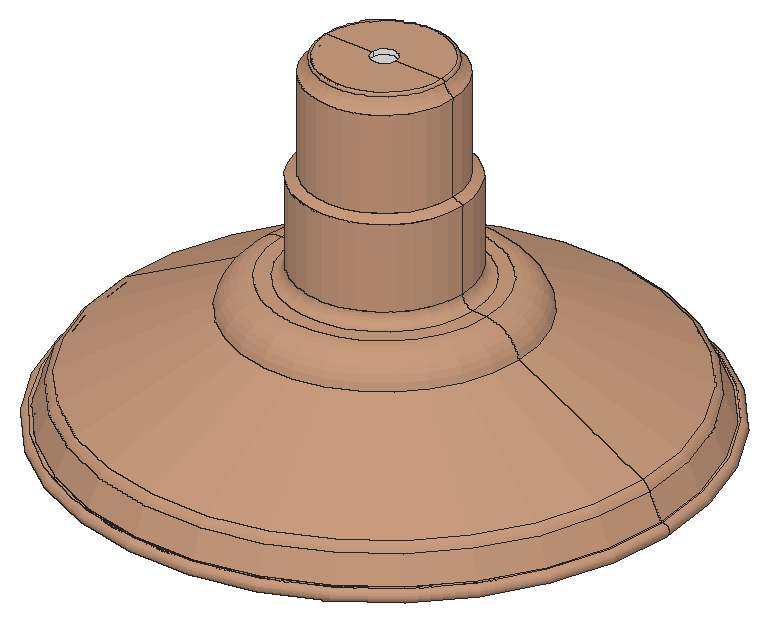
Revit family "S312 SHADE", category Lighting Fixtures, Revit 2024
Family settings
  Round Connector Dimension = Use Diameter
  Part Type = Normal
  OmniClass Number = 23.80.70.00
  OmniClass Title = Lighting
  Work Plane-Based = No
  Always vertical = Yes
  Cut with Voids When Loaded = No
  Light Source = No
  Maintain Annotation Orientation = No
  Shared = No
  Room Calculation Point = No
Parameters
  Default Elevation = 0' - 0"
Reference planes (in)
  plane 1 "Light Source Axis (F/B)": y = 0
  plane 2: z = 0
  plane 3 "Light Source Axis (L/R)": x = 0
  plane 4 "Light Source Elevation": z = 54
Forms (in)
  Revolve 1, solid
    sketch origin (0, 0, 0) x (1, 0, 0) y (0, 0, 1)
      loop
        arc (-5.875, 54.25) -> (-5.94874, 54.02407) -> (-5.75592, 54.163) r 0.125
        line (-5.75592, 54.163) -> (-5.51488, 54.71187)
        arc (-5.51488, 54.71187) -> (-5.46987, 54.78166) -> (-5.40644, 54.83527) r 0.28125
        arc (-5.40644, 54.83527) -> (-4.10337, 55.57039) -> (-2.74075, 56.18819) r 17.01405
        arc (-2.74075, 56.18819) -> (-2.5521, 56.57211) -> (-2.15915, 56.74116) r 0.61716
        line (-2.15915, 56.74116) -> (-1.86653, 56.7565)
        arc (-1.86653, 56.7565) -> (-1.64537, 56.86768) -> (-1.55625, 57.09861) r 0.34375
        line (-1.55625, 57.09861) -> (-1.55625, 58.69206) -> (-1.35625, 58.79206) -> (-1.35625, 60.65499)
        arc (-1.35625, 60.65499) -> (-1.25234, 60.76974) -> (-1.17932, 60.90625) r 0.6342
        line (-1.17932, 60.90625) -> (-0.25, 60.90625) -> (-0.25, 61) -> (-1.21259, 61)
        arc (-1.21259, 61) -> (-1.24749, 60.9858) -> (-1.26257, 60.95128) r 0.05
        arc (-1.26257, 60.95128) -> (-1.33767, 60.81175) -> (-1.45, 60.7) r 0.54045
        line (-1.45, 60.7) -> (-1.45, 58.85) -> (-1.65, 58.75) -> (-1.65, 57.09861)
        arc (-1.65, 57.09861) -> (-1.71416, 56.93139) -> (-1.87372, 56.85) r 0.25
        line (-1.87372, 56.85) -> (-2.16406, 56.83478)
        arc (-2.16406, 56.83478) -> (-2.59536, 56.65954) -> (-2.82575, 56.255) r 0.71091
        arc (-2.82575, 56.255) -> (-4.16978, 55.64179) -> (-5.45589, 54.91491) r 17.1078
        arc (-5.45589, 54.91491) -> (-5.54054, 54.84327) -> (-5.60052, 54.75) r 0.375
        line (-5.60052, 54.75) -> (-5.8201, 54.25) -> (-5.875, 54.25)
      axis (0, 61) -> (0, 54.163)
    angle from 0 to 360
Dimensions and locks (in)
  aligned and locked: level to plane 2
